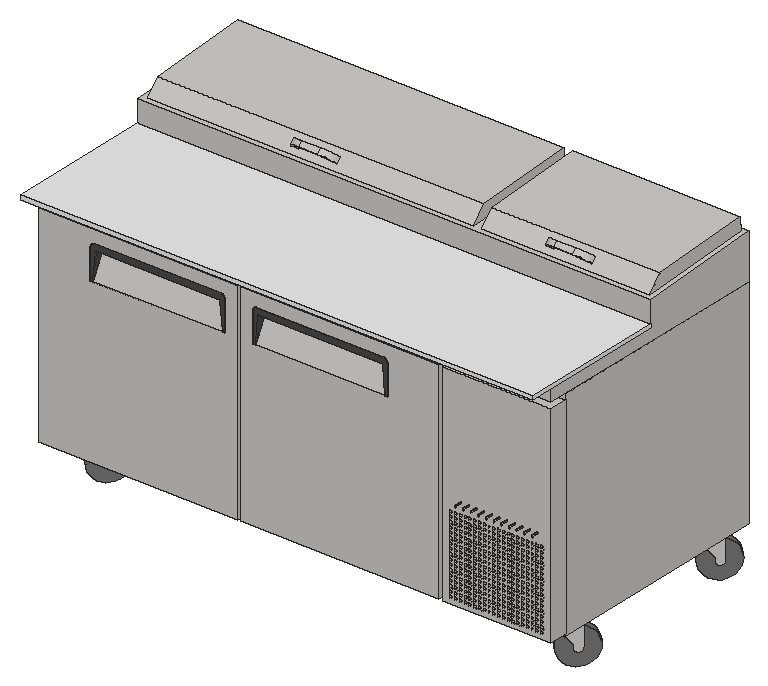
Revit family "QF_Turbo Air_TPR-67SD", category Specialty Equipment, Revit 2012 (continued)
Definition of nested family "FESCasterLeg"
  Automatic sketch dimensions
    radius of Blend 4 sketch curve = 0' - 0 1/2"
    radius of Blend 4 sketch curve = 0' - 1"
